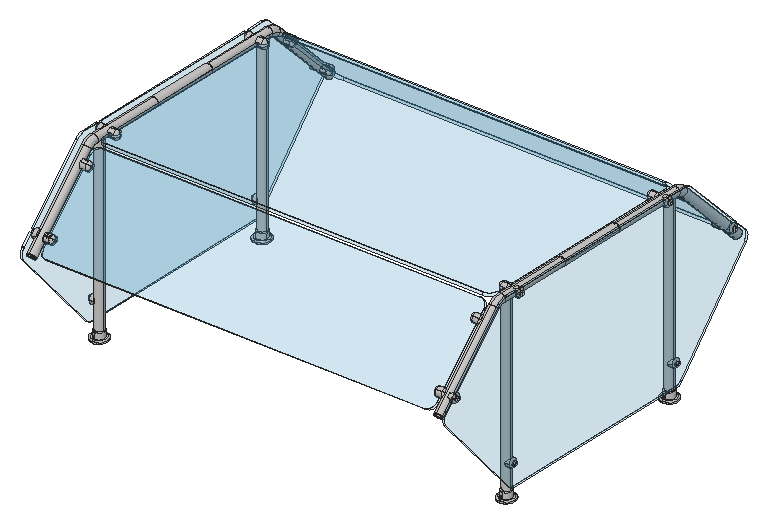
Revit family "QF_ENGLISH_M-125-IS", category Casework, Revit 2018
Family settings
  Work Plane-Based = No
  Always vertical = Yes
  Cut with Voids When Loaded = No
  Shared = No
  Room Calculation Point = No
Parameters
  Weight in Pounds = 0
  URL Cutsheet = ""
  Type Mark [instance] = ""
  Status [instance] = ""
  Specification by User [instance] = ""
  Specification by Manufacturer = ""
  Show Right Glass [instance] = yes
  Show Left Glass [instance] = yes
  Serial Number = ""
  Seismic Rating = ""
  SMACNA No = ""
  Revision Code [instance] = ""
  RS Symbolic [instance] = not(Show Right Glass)  # no
  Omniclass Number and Title = ""
  NAFEM Spec ID Number = ""
  Model = "M-125-IS"
  Masterspec = ""
  Manufacturer = "ENGLISH MFG. INC."
  Length [instance] = 48"
  LS Symbolic [instance] = not(Show Left Glass)  # no
  Item Number [instance] = ""
  Installed By [instance] = ""
  Identify Quantity as Lot [instance] = yes
  Glass Thickness [instance] = 3/8"  # constant formula
  Glass Material [instance] = Glass
  Furnished By [instance] = ""
  Foodservice Equipment Identifier [instance] = yes
  Description = "MATRIX SERIES"
  Depth [instance] = 24"
  CSI MasterFormat = ""
  CSI Master Format = ""
  Assembly Code = ""
Reference planes (in)
  plane 1 "BACK": y = 0
  plane 2: z = 0
  plane 3 "LEFT": x = 0
  plane 4 "RIGHT": x = 48
  plane 5 "FRONT": y = -24
  plane 6 "TOP": z = 22
  plane 7 "Center Y": x = 24
  plane 8 "Center X": y = -12
  plane 9 "Front Glass 2": y = -27.03125
  plane 10 "Front Glass 1": y = -32.4375
  plane 11: y = 3.03125
  plane 12: y = 8.4375
  plane 13 "top front": y = -22.91831
  plane 14: y = -8
  plane 15: y = -16
Forms (in)
  Extrusion 1, solid, material "Glass" <- "Glass Material", visible <- "Show Left Glass"
    sketch origin (-0.75, -197.443, 18.9876) x (0, 0, -1) y (0, -1, 0)
      loop
        line (6.57379, -207.56861) -> (17.16302, -198.24029)
        arc (17.16302, -198.24029) -> (17.40286, -197.90571) -> (17.4876, -197.50286) r 1
        line (17.4876, -197.50286) -> (17.4876, -173.38315)
        arc (17.4876, -173.38315) -> (17.40286, -172.9803) -> (17.16302, -172.64572) r 1
        line (17.16302, -172.64572) -> (6.57379, -163.31739)
        arc (6.57379, -163.31739) -> (5.88117, -163.06826) -> (5.20567, -163.36066) r 1
        line (5.20567, -163.36066) -> (4.13338, -164.43294) -> (4.57532, -164.87489)
        arc (4.57532, -164.87489) -> (4.57338, -165.13809) -> (4.31018, -165.14002) r 0.1875
        line (4.31018, -165.14002) -> (3.86824, -164.69808) -> (-2.69807, -171.26439)
        arc (-2.69807, -171.26439) -> (-3.02322, -171.75102) -> (-3.1374, -172.32505) r 1.5
        line (-3.1374, -172.32505) -> (-3.1374, -174.3372) -> (-2.5124, -174.3372)
        arc (-2.5124, -174.3372) -> (-2.3249, -174.5247) -> (-2.5124, -174.7122) r 0.1875
        line (-2.5124, -174.7122) -> (-3.1374, -174.7122) -> (-3.1374, -196.17381) -> (-2.5124, -196.17381)
        arc (-2.5124, -196.17381) -> (-2.3249, -196.36131) -> (-2.5124, -196.54881) r 0.1875
        line (-2.5124, -196.54881) -> (-3.1374, -196.54881) -> (-3.1374, -198.56096)
        arc (-3.1374, -198.56096) -> (-3.02322, -199.13498) -> (-2.69807, -199.62162) r 1.5
        line (-2.69807, -199.62162) -> (3.86824, -206.18793) -> (4.31018, -205.74598)
        arc (4.31018, -205.74598) -> (4.57338, -205.74792) -> (4.57532, -206.01112) r 0.1875
        line (4.57532, -206.01112) -> (4.13338, -206.45306) -> (5.20567, -207.52535)
        arc (5.20567, -207.52535) -> (5.88117, -207.81774) -> (6.57379, -207.56861) r 1
      loop
        circle (14.9876, -173.443) r 0.1875
      loop
        circle (14.9876, -197.443) r 0.1875
    from 0 to 0.25
  Extrusion 2, solid, material "Glass" <- "Glass Material", visible <- "Show Right Glass"
    sketch origin (48, 0, 0) x (0, -1, 0) y (0, 0, 1)
      loop
        line (22.73081, 22.125) -> (1.26919, 22.125) -> (1.26919, 21.5)
        arc (1.26919, 21.5) -> (1.08169, 21.3125) -> (0.89419, 21.5) r 0.1875
        line (0.89419, 21.5) -> (0.89419, 22.125) -> (-1.11796, 22.125)
        arc (-1.11796, 22.125) -> (-1.69198, 22.01082) -> (-2.17862, 21.68566) r 1.5
        line (-2.17862, 21.68566) -> (-8.74492, 15.11936) -> (-8.30298, 14.67741)
        arc (-8.30298, 14.67741) -> (-8.30492, 14.41421) -> (-8.56812, 14.41228) r 0.1875
        line (-8.56812, 14.41228) -> (-9.01006, 14.85422) -> (-10.08235, 13.78193)
        arc (-10.08235, 13.78193) -> (-10.37474, 13.10643) -> (-10.12561, 12.41381) r 1
        line (-10.12561, 12.41381) -> (-0.79728, 1.82458)
        arc (-0.79728, 1.82458) -> (-0.4627, 1.58473) -> (-0.05985, 1.5) r 1
        line (-0.05985, 1.5) -> (24.05985, 1.5)
        arc (24.05985, 1.5) -> (24.4627, 1.58473) -> (24.79728, 1.82458) r 1
        line (24.79728, 1.82458) -> (34.12561, 12.41381)
        arc (34.12561, 12.41381) -> (34.37474, 13.10643) -> (34.08235, 13.78193) r 1
        line (34.08235, 13.78193) -> (33.01006, 14.85422) -> (32.56812, 14.41228)
        arc (32.56812, 14.41228) -> (32.30492, 14.41421) -> (32.30298, 14.67741) r 0.1875
        line (32.30298, 14.67741) -> (32.74492, 15.11936) -> (26.17862, 21.68566)
        arc (26.17862, 21.68566) -> (25.69198, 22.01082) -> (25.11796, 22.125) r 1.5
        line (25.11796, 22.125) -> (23.10581, 22.125) -> (23.10581, 21.5)
        arc (23.10581, 21.5) -> (22.91831, 21.3125) -> (22.73081, 21.5) r 0.1875
        line (22.73081, 21.5) -> (22.73081, 22.125)
      loop
        circle (24, 4) r 0.1875
      loop
        circle (0, 4) r 0.1875
    from -1 to -0.75
  Revolve 3, solid, material "QF_Finishes_Stainless Steel"
    sketch origin (0, 0, 0) x (1, 0, 0) y (0, 0, 1)
      loop
        line (-0.5, 0) -> (-0.5, 1) -> (-0.53494, 1)
        arc (-0.53494, 1) -> (-0.57913, 0.98169) -> (-0.5975, 0.9375) r 0.0625
        line (-0.5975, 0.9375) -> (-0.5975, 0.25) -> (-0.87489, 0.25)
        arc (-0.87489, 0.25) -> (-0.96328, 0.21339) -> (-1, 0.125) r 0.125
        line (-1, 0.125) -> (-1, 0) -> (-0.5, 0)
      axis (0, 1) -> (0, 0)
    angle from 0 to 360
  Revolve 4, solid, material "QF_Finishes_Stainless Steel"
    sketch origin (0, -17, 0) x (0, -1, 0) y (0, 0, -1)
      loop
        line (6.5, 0) -> (6, 0) -> (6, -0.125)
        arc (6, -0.125) -> (6.03672, -0.21339) -> (6.12511, -0.25) r 0.125
        line (6.12511, -0.25) -> (6.4025, -0.25) -> (6.4025, -0.9375)
        arc (6.4025, -0.9375) -> (6.42087, -0.98169) -> (6.46506, -1) r 0.0625
        line (6.46506, -1) -> (6.5, -1) -> (6.5, 0)
      axis (7, -1) -> (7, 0)
    angle from 0 to 360
  Revolve 5, solid, material "QF_Finishes_Stainless Steel"
    sketch origin (48, 0, 0) x (0, -1, 0) y (0, 0, 1)
      loop
        line (23.5, 0) -> (23.5, 1) -> (23.46506, 1)
        arc (23.46506, 1) -> (23.42087, 0.98169) -> (23.4025, 0.9375) r 0.0625
        line (23.4025, 0.9375) -> (23.4025, 0.25) -> (23.12511, 0.25)
        arc (23.12511, 0.25) -> (23.03672, 0.21339) -> (23, 0.125) r 0.125
        line (23, 0.125) -> (23, 0) -> (23.5, 0)
      axis (24, 1) -> (24, 0)
    angle from 0 to 360
  Revolve 6, solid, material "QF_Finishes_Stainless Steel"
    sketch origin (48, 0, 0) x (0, -1, 0) y (0, 0, 1)
      loop
        line (0.5, 0) -> (1, 0) -> (1, 0.125)
        arc (1, 0.125) -> (0.96328, 0.21339) -> (0.87489, 0.25) r 0.125
        line (0.87489, 0.25) -> (0.5975, 0.25) -> (0.5975, 0.9375)
        arc (0.5975, 0.9375) -> (0.57913, 0.98169) -> (0.53494, 1) r 0.0625
        line (0.53494, 1) -> (0.5, 1) -> (0.5, 0)
      axis (0, 1) -> (0, 0)
    angle from 0 to 360
  Extrusion 7, solid, material "Glass" <- "Glass Material"
    sketch origin (36.80436, 0, 21.3125) x (-1, 0, 0) y (0, -1, 0)
      loop
        line (36.05436, -0.25) -> (36.05436, 24.25)
        arc (36.05436, 24.25) -> (35.76147, 24.95711) -> (35.05436, 25.25) r 1
        line (35.05436, 25.25) -> (-9.44564, 25.25)
        arc (-9.44564, 25.25) -> (-10.15275, 24.95711) -> (-10.44564, 24.25) r 1
        line (-10.44564, 24.25) -> (-10.44564, -0.25)
        arc (-10.44564, -0.25) -> (-10.15275, -0.95711) -> (-9.44564, -1.25) r 1
        line (-9.44564, -1.25) -> (35.05436, -1.25)
        arc (35.05436, -1.25) -> (35.76147, -0.95711) -> (36.05436, -0.25) r 1
    from 0 to 0.375 <- "Glass Thickness"
  Extrusion 8, solid, material "Glass" <- "Glass Material"
    sketch origin (0.67002, -29.70397, 17.01127) x (0, -0.707107, -0.707107) y (1, 0, 0)
      loop
        arc (4.67068, 0.05113) -> (5.37779, 0.34403) -> (5.67068, 1.05113) r 1
        line (5.67068, 1.05113) -> (5.67068, 45.60882)
        arc (5.67068, 45.60882) -> (5.37779, 46.31593) -> (4.67068, 46.60882) r 1
        line (4.67068, 46.60882) -> (-4.95432, 46.60882)
        arc (-4.95432, 46.60882) -> (-5.66143, 46.31593) -> (-5.95432, 45.60882) r 1
        line (-5.95432, 45.60882) -> (-5.95432, 1.05113)
        arc (-5.95432, 1.05113) -> (-5.66143, 0.34403) -> (-4.95432, 0.05113) r 1
        line (-4.95432, 0.05113) -> (4.67068, 0.05113)
    from 0 to 0.375 <- "Glass Thickness"
  Extrusion 9, solid, material "Glass" <- "Glass Material"
    sketch origin (-1.9254, 7.53921, 15.17602) x (1, 0, 0) y (0, 0.707107, -0.707107)
      loop
        line (2.64656, 2.07526) -> (2.64656, -7.54974)
        arc (2.64656, -7.54974) -> (2.93945, -8.25685) -> (3.64656, -8.54974) r 1
        line (3.64656, -8.54974) -> (48.20425, -8.54974)
        arc (48.20425, -8.54974) -> (48.91135, -8.25685) -> (49.20425, -7.54974) r 1
        line (49.20425, -7.54974) -> (49.20425, 2.07526)
        arc (49.20425, 2.07526) -> (48.91135, 2.78236) -> (48.20425, 3.07526) r 1
        line (48.20425, 3.07526) -> (3.64656, 3.07526)
        arc (3.64656, 3.07526) -> (2.93945, 2.78236) -> (2.64656, 2.07526) r 1
    from 0 to 0.375 <- "Glass Thickness"
  Extrusion 10, solid, material "QF_Finishes_Stainless Steel"
    sketch origin (0, -12, 0) x (-1, 0, 0) y (0, 0, 1)
      loop
        circle (0, 21.5) r 0.5
    from 4 to -4
  Extrusion 11, solid, material "QF_Finishes_Stainless Steel"
    sketch origin (0, -12, 0) x (-1, 0, 0) y (0, 0, 1)
      loop
        circle (-48, 21.5) r 0.5
    from 4 to -4
Lines and regions (in)
  symbolic lines, style "CaseworkHiddenLines"
    curve 1: line (1.75031, -25.25, 0) -> (46.27028, -25.25, 0)
    curve 2: line (0.75109, -24.27765, 0) -> (0.75109, 0.29671, 0)
    curve 3: line (47.24891, -24.29692, 0) -> (47.24891, 0.29671, 0)
    curve 4: line (1.75, 1.25, 0) -> (46.25, 1.25, 0)
    curve 5: arc (0.75109, -24.27765, 0) -> (1.05319, -24.96679, 0) -> (1.75031, -25.25, 0) r 0.99959
    curve 6: arc (46.27028, -25.25, 0) -> (46.94769, -24.9666, 0) -> (47.24891, -24.29692, 0) r 1
    curve 7: arc (1.75, 1.25, 0) -> (1.05961, 0.97343, 0) -> (0.75109, 0.29671, 0) r 1
    curve 8: arc (47.24891, 0.29671, 0) -> (46.94039, 0.97343, 0) -> (46.25, 1.25, 0) r 1
    curve 57: line (46.27884, -25.75879, 0) -> (1.72116, -25.75879, 0)
    curve 58: spline (47.27884, -26.4659, 0) -> (47.27029, -26.3736, 0) -> (47.24477, -26.28288, 0) -> (47.20272, -26.1953, 0) -> (47.14487, -26.11234, 0) -> (47.0722, -26.03544, 0) -> (46.98595, -25.9659, 0) -> (46.88761, -25.90491, 0) -> (46.77884, -25.85352, 0) -> (46.66153, -25.81262, 0) -> (46.53766, -25.78288, 0) -> (46.40937, -25.76484, 0) -> (46.27884, -25.75879, 0)
    curve 59: line (47.27884, -33.2718, 0) -> (47.27884, -32.9336, 0)
    curve 60: spline (46.27884, -33.97891, 0) -> (46.40937, -33.97286, 0) -> (46.53766, -33.95481, 0) -> (46.66153, -33.92508, 0) -> (46.77884, -33.88417, 0) -> (46.88761, -33.83279, 0) -> (46.98595, -33.7718, 0) -> (47.0722, -33.70226, 0) -> (47.14487, -33.62535, 0) -> (47.20272, -33.5424, 0) -> (47.24477, -33.45481, 0) -> (47.27029, -33.3641, 0) -> (47.27884, -33.2718, 0)
    curve 61: line (1.72116, -33.97891, 0) -> (46.27884, -33.97891, 0)
    curve 62: spline (0.72116, -33.2718, 0) -> (0.72971, -33.3641, 0) -> (0.75523, -33.45481, 0) -> (0.79728, -33.5424, 0) -> (0.85513, -33.62535, 0) -> (0.9278, -33.70226, 0) -> (1.01405, -33.7718, 0) -> (1.11239, -33.83279, 0) -> (1.22116, -33.88417, 0) -> (1.33847, -33.92508, 0) -> (1.46234, -33.95481, 0) -> (1.59063, -33.97286, 0) -> (1.72116, -33.97891, 0)
    curve 63: line (0.72116, -26.4659, 0) -> (0.72116, -26.84674, 0)
    curve 64: spline (1.72116, -25.75879, 0) -> (1.59063, -25.76484, 0) -> (1.46234, -25.78288, 0) -> (1.33847, -25.81262, 0) -> (1.22116, -25.85352, 0) -> (1.11239, -25.90491, 0) -> (1.01405, -25.9659, 0) -> (0.9278, -26.03544, 0) -> (0.85513, -26.11234, 0) -> (0.79728, -26.1953, 0) -> (0.75523, -26.28288, 0) -> (0.72971, -26.3736, 0) -> (0.72116, -26.4659, 0)
    curve 65: line (0.72116, -27.54191, 0) -> (0.72116, -32.23843, 0)
    curve 66: line (0.72116, -32.93326, 0) -> (0.72116, -33.2718, 0)
    curve 67: line (47.27884, -26.84674, 0) -> (47.27884, -26.4659, 0)
    curve 68: line (47.27884, -32.23843, 0) -> (47.27884, -27.54191, 0)
    curve 69: line (46.27884, 9.97891, 0) -> (1.72116, 9.97891, 0)
    curve 70: spline (47.27884, 9.2718, 0) -> (47.27029, 9.3641, 0) -> (47.24477, 9.45481, 0) -> (47.20272, 9.5424, 0) -> (47.14487, 9.62535, 0) -> (47.0722, 9.70226, 0) -> (46.98595, 9.7718, 0) -> (46.88761, 9.83279, 0) -> (46.77884, 9.88417, 0) -> (46.66153, 9.92508, 0) -> (46.53766, 9.95481, 0) -> (46.40937, 9.97286, 0) -> (46.27884, 9.97891, 0)
    curve 71: line (47.27884, 2.40827, 0) -> (47.27884, 2.84674, 0)
    curve 72: spline (46.27884, 1.75879, 0) -> (46.40937, 1.76484, 0) -> (46.53766, 1.78288, 0) -> (46.66153, 1.81262, 0) -> (46.77884, 1.85352, 0) -> (46.88761, 1.90491, 0) -> (46.98595, 1.9659, 0) -> (47.0722, 2.03544, 0) -> (47.14487, 2.11234, 0) -> (47.20272, 2.1953, 0) -> (47.24477, 2.28288, 0) -> (47.27029, 2.3736, 0) -> (47.27884, 2.4659, 0)
    curve 73: line (1.72116, 1.75879, 0) -> (46.27884, 1.75879, 0)
    curve 74: spline (0.72116, 2.4659, 0) -> (0.72971, 2.3736, 0) -> (0.75523, 2.28288, 0) -> (0.79728, 2.1953, 0) -> (0.85513, 2.11234, 0) -> (0.9278, 2.03544, 0) -> (1.01405, 1.9659, 0) -> (1.11239, 1.90491, 0) -> (1.22116, 1.85352, 0) -> (1.33847, 1.81262, 0) -> (1.46234, 1.78288, 0) -> (1.59063, 1.76484, 0) -> (1.72116, 1.75879, 0)
    curve 75: line (0.72116, 9.2718, 0) -> (0.72116, 8.93326, 0)
    curve 76: spline (1.72116, 9.97891, 0) -> (1.59063, 9.97286, 0) -> (1.46234, 9.95481, 0) -> (1.33847, 9.92508, 0) -> (1.22116, 9.88417, 0) -> (1.11239, 9.83279, 0) -> (1.01405, 9.7718, 0) -> (0.9278, 9.70226, 0) -> (0.85513, 9.62535, 0) -> (0.79728, 9.5424, 0) -> (0.75523, 9.45481, 0) -> (0.72971, 9.3641, 0) -> (0.72116, 9.2718, 0)
    curve 77: line (0.72116, 8.23843, 0) -> (0.72116, 3.54191, 0)
    curve 78: line (0.72116, 2.84674, 0) -> (0.72116, 2.4659, 0)
    curve 79: line (47.27884, 8.9336, 0) -> (47.27884, 9.2718, 0)
    curve 80: line (47.27884, 3.54191, 0) -> (47.27884, 8.23843, 0)
  symbolic lines
    curve 9: line (0.72116, -32.23843, 0) -> (1.24193, -32.23843, 0)
    curve 10: line (1.50299, -32.48958, 0) -> (1.50299, -32.60272, 0)
    curve 11: arc (1.24193, -32.23843, 0) -> (1.42306, -32.31141, 0) -> (1.50299, -32.48958, 0) r 0.26125
    curve 12: line (0.49804, -31.93541, 0) -> (0.72116, -31.93541, 0)
    curve 13: line (47.50191, -27.54191, 0) -> (46.80269, -27.54191, 0)
    curve 14: line (47.27884, -26.84674, 0) -> (46.76081, -26.84674, 0)
    curve 15: line (46.50191, -27.09674, 0) -> (46.50191, -27.22294, 0)
    curve 16: arc (46.76081, -26.84674, 0) -> (46.58086, -26.91944, 0) -> (46.50191, -27.09674, 0) r 0.25906
    curve 17: arc (46.80269, -27.54191, 0) -> (46.58348, -27.44732, 0) -> (46.50191, -27.22294, 0) r 0.30129
    curve 18: line (47.50196, -26.54373, 0) -> (47.27884, -26.54373, 0)
    curve 19: line (47.50191, -32.9336, 0) -> (46.80269, -32.9336, 0)
    curve 20: line (47.27884, -32.23843, 0) -> (46.76081, -32.23843, 0)
    curve 21: line (46.50191, -32.48843, 0) -> (46.50191, -32.61463, 0)
    curve 22: arc (46.76081, -32.23843, 0) -> (46.58086, -32.31113, 0) -> (46.50191, -32.48843, 0) r 0.25906
    curve 23: arc (46.80269, -32.9336, 0) -> (46.58348, -32.83901, 0) -> (46.50191, -32.61463, 0) r 0.30129
    curve 24: line (47.50196, -31.93541, 0) -> (47.27884, -31.93541, 0)
    curve 25: line (0.49809, -32.93326, 0) -> (1.08666, -32.93326, 0)
    curve 26: arc (1.50299, -32.60272, 0) -> (1.37463, -32.86852, 0) -> (1.08666, -32.93326, 0) r 0.33938
    curve 27: line (0.49809, -27.54191, 0) -> (1.19731, -27.54191, 0)
    curve 28: line (0.72116, -26.84674, 0) -> (1.23919, -26.84674, 0)
    curve 29: line (1.49809, -27.09674, 0) -> (1.49809, -27.22294, 0)
    curve 30: arc (1.23919, -26.84674, 0) -> (1.41914, -26.91944, 0) -> (1.49809, -27.09674, 0) r 0.25906
    curve 31: arc (1.19731, -27.54191, 0) -> (1.41652, -27.44732, 0) -> (1.49809, -27.22294, 0) r 0.30129
    curve 32: line (0.49804, -26.54373, 0) -> (0.72116, -26.54373, 0)
    curve 33: line (0.72116, 8.23843, 0) -> (1.24193, 8.23843, 0)
    curve 34: line (1.50299, 8.48958, 0) -> (1.50299, 8.60272, 0)
    curve 35: arc (1.24193, 8.23843, 0) -> (1.42306, 8.31141, 0) -> (1.50299, 8.48958, 0) r 0.26125
    curve 36: line (0.49804, 7.93541, 0) -> (0.72116, 7.93541, 0)
    curve 37: line (0.49809, 8.93326, 0) -> (1.08666, 8.93326, 0)
    curve 38: arc (1.50299, 8.60272, 0) -> (1.37463, 8.86852, 0) -> (1.08666, 8.93326, 0) r 0.33938
    curve 39: line (0.49809, 3.54191, 0) -> (1.19731, 3.54191, 0)
    curve 40: line (0.72116, 2.84674, 0) -> (1.23919, 2.84674, 0)
    curve 41: line (1.49809, 3.09674, 0) -> (1.49809, 3.22294, 0)
    curve 42: arc (1.23919, 2.84674, 0) -> (1.41914, 2.91944, 0) -> (1.49809, 3.09674, 0) r 0.25906
    curve 43: arc (1.19731, 3.54191, 0) -> (1.41652, 3.44732, 0) -> (1.49809, 3.22294, 0) r 0.30129
    curve 44: line (0.49804, 2.54373, 0) -> (0.72116, 2.54373, 0)
    curve 45: line (47.50191, 3.54191, 0) -> (46.80269, 3.54191, 0)
    curve 46: line (47.27884, 2.84674, 0) -> (46.76081, 2.84674, 0)
    curve 47: line (46.50191, 3.09674, 0) -> (46.50191, 3.22294, 0)
    curve 48: arc (46.76081, 2.84674, 0) -> (46.58086, 2.91944, 0) -> (46.50191, 3.09674, 0) r 0.25906
    curve 49: arc (46.80269, 3.54191, 0) -> (46.58348, 3.44732, 0) -> (46.50191, 3.22294, 0) r 0.30129
    curve 50: line (47.50196, 2.54373, 0) -> (47.27884, 2.54373, 0)
    curve 51: line (47.50191, 8.9336, 0) -> (46.80269, 8.9336, 0)
    curve 52: line (47.27884, 8.23843, 0) -> (46.76081, 8.23843, 0)
    curve 53: line (46.50191, 8.48843, 0) -> (46.50191, 8.61463, 0)
    curve 54: arc (46.76081, 8.23843, 0) -> (46.58086, 8.31113, 0) -> (46.50191, 8.48843, 0) r 0.25906
    curve 55: arc (46.80269, 8.9336, 0) -> (46.58348, 8.83901, 0) -> (46.50191, 8.61463, 0) r 0.30129
    curve 56: line (47.50196, 7.93541, 0) -> (47.27884, 7.93541, 0)
Dimensions and locks (in)
  equal spacing: plane 3 "LEFT", plane 7 "Center Y", plane 4 "RIGHT"
  "Length": plane 3 "LEFT" to plane 4 "RIGHT"
  equal spacing: plane 5 "FRONT", plane 8 "Center X", plane 1 "BACK"
  "Depth": plane 5 "FRONT" to plane 1 "BACK"
  plane 6 "TOP" to level = 22"
  locked: Extrusion 7 sketch curve to plane 4 "RIGHT" at 0.75
  locked: plane 3 "LEFT" to Extrusion 7 sketch curve at 0.75
  locked: Extrusion 7 sketch curve to plane 5 "FRONT" at 1.25
  locked: plane 1 "BACK" to Extrusion 7 sketch curve at 1.25
  plane 10 "Front Glass 1" to plane 9 "Front Glass 2" to plane 5 "FRONT" = 5 13/32" locked, 3 1/32" locked
  plane 1 "BACK" to plane 11 to plane 12 = 3 1/32" locked, 5 13/32" locked
  locked: nested 1 to plane 10 "Front Glass 1" at 0.19127
  locked: plane 5 "FRONT" to plane 13 "top front" at 1.08169
  locked: plane 4 "RIGHT" to Extrusion 8 sketch curve at 0.72116
  locked: plane 10 "Front Glass 1" to nested 3 at 0.0039
  locked: Extrusion 9 sketch curve to plane 4 "RIGHT" at 0.72116
  locked: plane 1 "BACK" to plane 14 at 8
  locked: plane 5 "FRONT" to plane 15 at 8
  locked: plane 15 to Extrusion 10 at 0
  locked: plane 14 to Extrusion 10 at 0
  locked: plane 14 to Extrusion 11 at 0
  locked: plane 15 to Extrusion 11 at 0
  nested 13 to nested 7 = 1 21/256"
  aligned and locked: level to plane 2
  aligned and locked: plane 3 "LEFT" to nested 2
  aligned and locked: plane 5 "FRONT" to nested 2
  aligned and locked: plane 1 "BACK" to nested 4
  aligned and locked: nested 4 to plane 3 "LEFT"
  aligned and locked: plane 4 "RIGHT" to nested 7
  aligned and locked: nested 6 to plane 4 "RIGHT"
  aligned and locked: nested 6 to plane 5 "FRONT"
  aligned and locked: nested 8 to plane 4 "RIGHT"
  aligned and locked: plane 5 "FRONT" to nested 8
  aligned and locked: plane 1 "BACK" to nested 9
  aligned and locked: nested 10 to plane 10 "Front Glass 1"
  aligned and locked: nested 11 to plane 13 "top front"
  aligned and locked: nested 12 to plane 12
  aligned and locked: plane 4 "RIGHT" to nested 12
  aligned and locked: plane 4 "RIGHT" to nested 13
  aligned and locked: nested 11 to plane 4 "RIGHT"
  aligned and locked: nested 10 to plane 4 "RIGHT"
  aligned and locked: plane 10 "Front Glass 1" to nested 16
  aligned and locked: nested 14 to plane 5 "FRONT"
  aligned and locked: plane 13 "top front" to nested 17
  aligned and locked: nested 9 to plane 4 "RIGHT"
Automatic sketch dimensions
  Revolve 3 sketch curve to level = 0"
  Revolve 3 sketch curve to plane 3 "LEFT" = 0"
  Revolve 3 sketch curve to plane 3 "LEFT" = 1/2"
  Revolve 3 sketch curve to plane 3 "LEFT" = 0.53494"
  level to Revolve 3 sketch curve = 1/4"
  Revolve 3 sketch curve to plane 3 "LEFT" = 0.5975"
  Revolve 3 sketch curve to Revolve 3 sketch curve = 0.27739"
  Revolve 3 sketch curve to Revolve 3 sketch curve = 0.12511"
  level to Revolve 3 sketch curve = 1/8"
  Revolve 3 sketch curve to Revolve 3 sketch curve = 11/16"
  Revolve 3 sketch curve to Revolve 3 sketch curve = 1/16"
  Revolve 3 sketch curve to level = 1/4"
  Revolve 3 sketch curve to Revolve 3 sketch curve = 0"  (x3)
  Revolve 4 sketch curve to level = 0"
  Revolve 4 sketch curve to plane 5 "FRONT" = 0"
  Revolve 4 sketch curve to plane 5 "FRONT" = 1/2"
  Revolve 4 sketch curve to plane 5 "FRONT" = 0.53494"
  Revolve 4 sketch curve to plane 13 "top front" = 0.48419"
  Revolve 4 sketch curve to plane 13 "top front" = 0.20681"
  Revolve 4 sketch curve to plane 13 "top front" = 0.0817"
  level to Revolve 4 sketch curve = 1/8"
  level to Revolve 4 sketch curve = 1/4"
  Revolve 4 sketch curve to Revolve 4 sketch curve = 11/16"
  Revolve 4 sketch curve to Revolve 4 sketch curve = 1/16"
  Revolve 4 sketch curve to Revolve 4 sketch curve = 0"  (x3)
  Revolve 4 sketch curve to Revolve 4 sketch curve = 1/4"
  Revolve 5 sketch curve to level = 0"
  Revolve 5 sketch curve to plane 5 "FRONT" = 0"
  Revolve 5 sketch curve to plane 5 "FRONT" = 1/2"
  Revolve 5 sketch curve to plane 5 "FRONT" = 0.53494"
  Revolve 5 sketch curve to plane 13 "top front" = 0.48419"
  Revolve 5 sketch curve to plane 13 "top front" = 0.20681"
  Revolve 5 sketch curve to plane 13 "top front" = 0.0817"
  level to Revolve 5 sketch curve = 1/8"
  Revolve 5 sketch curve to Revolve 5 sketch curve = 1/8"
  Revolve 5 sketch curve to Revolve 5 sketch curve = 11/16"
  Revolve 5 sketch curve to Revolve 5 sketch curve = 1/16"
  Revolve 5 sketch curve to Revolve 5 sketch curve = 1/4"
  Revolve 5 sketch curve to Revolve 5 sketch curve = 0"  (x3)
  Revolve 6 sketch curve to plane 1 "BACK" = 0"
  Revolve 6 sketch curve to level = 0"
  plane 1 "BACK" to Revolve 6 sketch curve = 1/2"
  Revolve 6 sketch curve to Revolve 6 sketch curve = 0.03494"
  level to Revolve 6 sketch curve = 1/4"
  plane 1 "BACK" to Revolve 6 sketch curve = 0.5975"
  Revolve 6 sketch curve to Revolve 6 sketch curve = 0.27739"
  Revolve 6 sketch curve to Revolve 6 sketch curve = 0.12511"
  level to Revolve 6 sketch curve = 1/8"
  Revolve 6 sketch curve to Revolve 6 sketch curve = 11/16"
  Revolve 6 sketch curve to Revolve 6 sketch curve = 1/16"
  Revolve 6 sketch curve to level = 1/4"
  Revolve 6 sketch curve to Revolve 6 sketch curve = 0"  (x3)
  Extrusion 7 sketch curve to plane 1 "BACK" = 1/4"
  Extrusion 7 sketch curve to Extrusion 7 sketch curve = 1"  (x3)
  nested 3 to Extrusion 8 sketch curve = 0.27145"  (x2)
  nested 3 to Extrusion 8 sketch curve = 9.16359"
  Extrusion 8 sketch curve to nested 3 = 0.05113"
  Extrusion 8 sketch curve to Extrusion 8 sketch curve = 1"
  nested 3 to Extrusion 8 sketch curve = 0.53438"  (x2)
  Extrusion 9 sketch curve to nested 5 = 0.05113"
  nested 5 to Extrusion 9 sketch curve = 0.27145"  (x2)
  nested 5 to Extrusion 9 sketch curve = 9.16359"
  nested 5 to Extrusion 9 sketch curve = 1.53438"
  Extrusion 9 sketch curve to Extrusion 9 sketch curve = 0"
  Extrusion 9 sketch curve to Extrusion 9 sketch curve = 1"
  Extrusion 10 sketch curve to plane 3 "LEFT" = 0"
  Extrusion 10 sketch curve to plane 6 "TOP" = 1/2"
  plane 4 "RIGHT" to Extrusion 11 sketch curve = 0"
  Extrusion 11 sketch curve to plane 6 "TOP" = 1/2"
  plane 9 "Front Glass 2" to curve 63 = 0.18451"
  plane 3 "LEFT" to curve 63 = 0.72116"
  plane 3 "LEFT" to curve 78 = 0.72116"
  curve 77 to plane 12 = 0.19907"
  plane 3 "LEFT" to curve 77 = 0.72116"
  plane 10 "Front Glass 1" to curve 65 = 0.19907"
  plane 3 "LEFT" to curve 65 = 0.72116"
  plane 3 "LEFT" to curve 75 = 0.72116"
  plane 3 "LEFT" to curve 66 = 0.72116"
  curve 2 to plane 1 "BACK" = 0.29671"
  plane 3 "LEFT" to curve 2 = 0.75109"
  curve 75 to curve 37 = 0.3655"
  curve 66 to curve 25 = 0.3655"
  curve 26 to plane 10 "Front Glass 1" = 0.16522"
  curve 26 to curve 26 = 0.07695"
  plane 12 to curve 38 = 0.16522"
  curve 37 to curve 38 = 0.07695"
  curve 31 to plane 9 "Front Glass 2" = 0.20937"
  curve 65 to curve 31 = 0.47616"
  curve 77 to curve 39 = 0.47616"
  curve 30 to plane 9 "Front Glass 2" = 0.07455"
  curve 31 to curve 30 = 0.04187"
  plane 11 to curve 42 = 0.07455"
  curve 43 to curve 42 = 0.04187"
  plane 12 to curve 35 = 0.06218"
  curve 38 to curve 35 = 0.07832"
  curve 26 to curve 9 = 0.07832"
  plane 11 to curve 41 = 0.06549"
  curve 42 to curve 41 = 0.2589"
  curve 29 to plane 9 "Front Glass 2" = 0.19169"
  curve 30 to curve 29 = 0.2589"
  curve 10 to plane 10 "Front Glass 1" = 0.05208"
  curve 11 to curve 10 = 0.26106"
  plane 12 to curve 34 = 0.05208"
  curve 25 to curve 61 = 0.6345"
  curve 42 to curve 73 = 0.48197"
  curve 30 to curve 57 = 0.48197"
  curve 38 to curve 69 = 0.6345"
  curve 73 to curve 4 = 0.02884"
  curve 64 to curve 1 = 0.02915"
  plane 4 "RIGHT" to curve 4 = 1 3/4"
  plane 5 "FRONT" to curve 6 = 0.25021"
  plane 4 "RIGHT" to curve 6 = 1 3/4"
  curve 6 to curve 1 = 0.02028"
  plane 4 "RIGHT" to curve 61 = 1.72116"
  plane 4 "RIGHT" to curve 69 = 1.72116"
  curve 6 to curve 57 = 0.00856"
  curve 4 to curve 73 = 0.02884"
  plane 12 to curve 53 = 0.17713"
  curve 70 to curve 53 = 0.22307"
  curve 21 to plane 10 "Front Glass 1" = 0.17713"
  curve 60 to curve 21 = 0.22307"
  plane 11 to curve 47 = 0.19169"
  curve 72 to curve 47 = 0.22307"
  curve 15 to plane 9 "Front Glass 2" = 0.06549"
  curve 58 to curve 15 = 0.22307"
  curve 16 to plane 9 "Front Glass 2" = 0.07455"
  curve 15 to curve 16 = 0.2589"
  curve 22 to plane 10 "Front Glass 1" = 0.05999"
  curve 22 to curve 22 = 0.2589"
  plane 12 to curve 54 = 0.05999"
  curve 54 to curve 54 = 0.2589"
  plane 11 to curve 48 = 0.07455"
  curve 48 to curve 48 = 0.2589"
  curve 16 to curve 17 = 0.04187"
  curve 22 to curve 19 = 0.04187"
  curve 48 to curve 45 = 0.04187"
  curve 54 to curve 55 = 0.04187"
  curve 3 to plane 1 "BACK" = 0.29671"
  plane 4 "RIGHT" to curve 3 = 0.75109"
  curve 46 to curve 46 = 0.51803"
  curve 14 to curve 14 = 0.51803"
  curve 20 to curve 20 = 0.51803"
  curve 54 to curve 52 = 0.51803"
  curve 19 to curve 59 = 0.47616"
  curve 55 to curve 79 = 0.47616"
  curve 19 to curve 22 = 0.43611"
  curve 59 to curve 59 = 0.3382"
  curve 66 to curve 66 = 0.33854"
  curve 61 to curve 62 = 0.70711"
  curve 21 to plane 10 "Front Glass 1" = 0.05093"
  curve 13 to curve 16 = 0.43611"
  curve 17 to curve 16 = 0.13482"
  curve 28 to curve 63 = 0.38084"
  curve 14 to curve 67 = 0.38084"
  curve 64 to curve 57 = 0.70711"
  curve 64 to curve 1 = 0.50879"
  plane 5 "FRONT" to curve 2 = 0.27765"
  curve 7 to plane 1 "BACK" = 1/4"
  curve 4 to curve 73 = 0.50879"
  curve 78 to curve 40 = 0.38084"
  curve 46 to curve 48 = 0.25906"
  curve 41 to curve 41 = 0.1262"
  curve 42 to curve 43 = 0.13482"
  curve 48 to curve 49 = 0.13482"
  curve 52 to curve 54 = 0.25906"
  curve 54 to curve 55 = 0.13482"
  curve 79 to curve 79 = 0.3382"
  curve 75 to curve 75 = 0.33854"
  curve 70 to curve 69 = 0.70711"
  curve 36 to curve 36 = 0.22311"
  curve 32 to curve 32 = 0.22311"
  curve 12 to curve 12 = 0.22311"
  curve 44 to curve 44 = 0.22311"
  curve 39 to curve 77 = 0.22307"
  curve 37 to curve 75 = 0.22307"
  curve 27 to curve 65 = 0.22307"
  curve 25 to curve 66 = 0.22307"
  curve 79 to curve 51 = 0.22307"
  curve 68 to curve 13 = 0.22307"
  curve 80 to curve 45 = 0.22307"
  curve 59 to curve 19 = 0.22307"
  curve 18 to curve 18 = 0.22311"
  curve 50 to curve 50 = 0.22311"
  curve 56 to curve 56 = 0.22311"
  curve 24 to curve 24 = 0.22311"
  curve 20 to curve 24 = 0.30301"
  curve 9 to curve 12 = 0.30301"
  curve 32 to curve 64 = 0.07783"
  curve 18 to curve 58 = 0.07783"
  curve 71 to curve 46 = 0.43847"
  curve 71 to curve 72 = 0.05762"
  curve 74 to curve 44 = 0.07783"
  curve 72 to curve 50 = 0.07783"
  curve 36 to curve 33 = 0.30301"
  curve 56 to curve 52 = 0.30301"
  Extrusion 2 sketch curve to plane 12 = 0"
  Extrusion 2 sketch curve to plane 13 "top front" = 0"
  Extrusion 2 sketch curve to plane 10 "Front Glass 1" = 0"
  plane 12 to Extrusion 2 sketch curve = 0.13062"
  plane 12 to Extrusion 2 sketch curve = 0.30742"
  Extrusion 2 sketch curve to Extrusion 2 sketch curve = 0.26514"  (x4)
  plane 12 to Extrusion 2 sketch curve = 0.93774"
  Extrusion 2 sketch curve to Extrusion 2 sketch curve = 0.70711"  (x4)
  Extrusion 2 sketch curve to Extrusion 2 sketch curve = 0.75037"  (x2)
  Extrusion 2 sketch curve to plane 12 = 0.13452"
  Extrusion 2 sketch curve to plane 6 "TOP" = 0.31434"  (x2)
  Extrusion 2 sketch curve to plane 11 = 0.85263"
  Extrusion 2 sketch curve to plane 1 "BACK" = 1.11796"
  Extrusion 2 sketch curve to plane 1 "BACK" = 0.79728"
  Extrusion 2 sketch curve to plane 1 "BACK" = 0.05985"
  plane 1 "BACK" to Extrusion 2 sketch curve = 0.89419"
  Extrusion 2 sketch curve to Extrusion 2 sketch curve = 3/16"  (x2)
  plane 13 "top front" to Extrusion 2 sketch curve = 3/16"
  plane 5 "FRONT" to Extrusion 2 sketch curve = 0.05985"
  plane 5 "FRONT" to Extrusion 2 sketch curve = 0.79728"
  plane 6 "TOP" to Extrusion 2 sketch curve = 1/8"  (x2)
  plane 5 "FRONT" to Extrusion 2 sketch curve = 1.11796"
  Extrusion 2 sketch curve to Extrusion 2 sketch curve = 1.06066"
  plane 10 "Front Glass 1" to Extrusion 2 sketch curve = 0.13452"
  Extrusion 2 sketch curve to plane 10 "Front Glass 1" = 0.13062"
  Extrusion 2 sketch curve to plane 10 "Front Glass 1" = 0.30742"
  Extrusion 2 sketch curve to plane 10 "Front Glass 1" = 0.93774"
  Extrusion 2 sketch curve to plane 6 "TOP" = 6.88065"  (x2)
  Extrusion 2 sketch curve to Extrusion 2 sketch curve = 0.13062"  (x2)
  Extrusion 2 sketch curve to Extrusion 2 sketch curve = 0.67542"
  Extrusion 2 sketch curve to plane 6 "TOP" = 1 3/8"
  Extrusion 2 sketch curve to plane 6 "TOP" = 1/2"  (x2)
  level to Extrusion 2 sketch curve = 2 1/2"
  Extrusion 2 sketch curve to plane 5 "FRONT" = 0"
  Extrusion 2 sketch curve to Extrusion 2 sketch curve = 1 1/2"  (x2)
  Extrusion 2 sketch curve to plane 5 "FRONT" = 3/16"
  Extrusion 2 sketch curve to Extrusion 2 sketch curve = 0.32458"
  Extrusion 2 sketch curve to Extrusion 2 sketch curve = 0"  (x2)
  Extrusion 2 sketch curve to plane 1 "BACK" = 0"
  Extrusion 1 sketch curve to Extrusion 1 sketch curve = 0"  (x4)
  Extrusion 1 sketch curve to plane 13 "top front" = 0"
  Extrusion 1 sketch curve to plane 12 = 0"
  Extrusion 1 sketch curve to plane 10 "Front Glass 1" = 0"
  Extrusion 1 sketch curve to plane 1 "BACK" = 0"
  Extrusion 1 sketch curve to plane 5 "FRONT" = 0"
  plane 6 "TOP" to Extrusion 1 sketch curve = 1/8"  (x3)
  Extrusion 1 sketch curve to plane 6 "TOP" = 0.31434"  (x2)
  Extrusion 1 sketch curve to plane 6 "TOP" = 1/2"  (x2)
  Extrusion 1 sketch curve to plane 6 "TOP" = 1 3/8"  (x2)
  plane 12 to Extrusion 1 sketch curve = 0.30742"
  Extrusion 1 sketch curve to plane 6 "TOP" = 6.88065"  (x2)
  Extrusion 1 sketch curve to plane 10 "Front Glass 1" = 0.30742"
  plane 12 to Extrusion 1 sketch curve = 0.57256"
  Extrusion 1 sketch curve to Extrusion 1 sketch curve = 0.26514"  (x2)
  Extrusion 1 sketch curve to plane 10 "Front Glass 1" = 0.57256"
  plane 10 "Front Glass 1" to Extrusion 1 sketch curve = 0.13452"
  Extrusion 1 sketch curve to Extrusion 1 sketch curve = 0.44194"  (x2)
  Extrusion 1 sketch curve to plane 12 = 0.13452"
  Extrusion 1 sketch curve to Extrusion 1 sketch curve = 0.13062"  (x2)
  Extrusion 1 sketch curve to plane 10 "Front Glass 1" = 0.13062"
  plane 12 to Extrusion 1 sketch curve = 0.13062"
  plane 12 to Extrusion 1 sketch curve = 1.64485"
  Extrusion 1 sketch curve to plane 10 "Front Glass 1" = 1.64485"
  Extrusion 1 sketch curve to Extrusion 1 sketch curve = 0.70711"  (x2)
  plane 12 to Extrusion 1 sketch curve = 1.68811"
  Extrusion 1 sketch curve to Extrusion 1 sketch curve = 0.66102"  (x2)
  Extrusion 1 sketch curve to plane 10 "Front Glass 1" = 1.68811"
  level to Extrusion 1 sketch curve = 4"  (x2)
  plane 5 "FRONT" to Extrusion 1 sketch curve = 0.05985"
  Extrusion 1 sketch curve to Extrusion 1 sketch curve = 1 1/2"  (x2)
  Extrusion 1 sketch curve to plane 1 "BACK" = 0.05985"
  Extrusion 1 sketch curve to plane 1 "BACK" = 0.79728"
  Extrusion 1 sketch curve to Extrusion 1 sketch curve = 0.67542"
  plane 5 "FRONT" to Extrusion 1 sketch curve = 0.79728"
  plane 1 "BACK" to Extrusion 1 sketch curve = 0.89419"
  Extrusion 1 sketch curve to Extrusion 1 sketch curve = 3/16"  (x2)
  plane 13 "top front" to Extrusion 1 sketch curve = 3/16"
  Extrusion 1 sketch curve to plane 5 "FRONT" = 3/16"
  radius of Extrusion 10 sketch curve = 1/2"
  radius of Extrusion 11 sketch curve = 1/2"
Nested families (in)
  nested 1: "M-106" at (0.375, -42.87107, 14.5468), Glass Thickness <- "Glass Thickness", type "M-106"
    with Type Mark "", Status "", Specification by User "", Revision Code "", Item Number "", Installed By "", Identify Quantity as Lot yes, H 13 1/4", Glass Thickness 3/8", Furnished By "", Foodservice Equipment Identifier yes, Angle 45.00°
  nested 2: "M-125_SUPPORT" at (0, -24, 0), type "M-125_SUPPORT"
    with Glass Thickness 3/8"
  nested 3: "M2" at (0.32471, -31.9336, 14.5468), Glass Thickness <- "Glass Thickness", type "M-106 2"
    with Type Mark "", Status "", Specification by User "", Revision Code "", Item Number "", Installed By "", Identify Quantity as Lot yes, H 13 1/4", Glass Thickness 3/8", Furnished By "", Foodservice Equipment Identifier yes, Angle 45.00°
  nested 4: "M-125_SUPPORT" at (0, 0, 0), type "M-125_SUPPORT"
    with Glass Thickness 3/8"
  nested 5: "M2" at (0.32471, 7.9336, 14.5468), Glass Thickness <- "Glass Thickness", type "M-106 2"
    with Type Mark "", Status "", Specification by User "", Revision Code "", Item Number "", Installed By "", Identify Quantity as Lot yes, H 13 1/4", Glass Thickness 3/8", Furnished By "", Foodservice Equipment Identifier yes, Angle 45.00°
  nested 6: "M-125_SUPPORT" at (48, -24, 0) x (-1, 0, 0) z (0, 0, 1), type "M-125_SUPPORT"
    with Glass Thickness 3/8"
  nested 7: "M-125_SUPPORT" at (48, 0, 0) x (-1, 0, 0) z (0, 0, 1), type "M-125_SUPPORT"
    with Glass Thickness 3/8"
  nested 8: "Glass Clip" at (48, -24, 4), visible <- "Show Right Glass", type "Glass Clip"
  nested 9: "Glass Clip" at (48, 0, 4), visible <- "Show Right Glass", type "Glass Clip"
  nested 10: "Glass Clip" at (48, -32.4375, 14.5468), visible <- "Show Right Glass", type "Glass Clip"
  nested 11: "Glass Clip" at (48, -22.91831, 21.5), visible <- "Show Right Glass", type "Glass Clip"
  nested 12: "Glass Clip" at (48, 8.4375, 14.5468), visible <- "Show Right Glass", type "Glass Clip"
  nested 13: "Glass Clip" at (48, -1.08203, 21.5), visible <- "Show Right Glass", type "Glass Clip"
  nested 14: "Glass Clip" at (0, -24, 4) x (-1, 0, 0) z (0, 0, 1), visible <- "Show Left Glass", type "Glass Clip"
  nested 15: "Glass Clip" at (0, 0, 4) x (-1, 0, 0) z (0, 0, 1), visible <- "Show Left Glass", type "Glass Clip"
  nested 16: "Glass Clip" at (0, -32.4375, 14.5468) x (-1, 0, 0) z (0, 0, 1), visible <- "Show Left Glass", type "Glass Clip"
  nested 17: "Glass Clip" at (0, -22.91831, 21.5) x (-1, 0, 0) z (0, 0, 1), visible <- "Show Left Glass", type "Glass Clip"
  nested 18: "Glass Clip" at (0, 8.4375, 14.5468) x (-1, 0, 0) z (0, 0, 1), visible <- "Show Left Glass", type "Glass Clip"
  nested 19: "Glass Clip" at (0, -1.08203, 21.5) x (-1, 0, 0) z (0, 0, 1), visible <- "Show Left Glass", type "Glass Clip"
Definition of nested family "M-106"
  Parameters (values of type "M-106")
    Weight in Pounds = 0
    URL Cutsheet = ""
    Type Mark [instance] = ""
    Status [instance] = ""
    Specification by User [instance] = ""
    Specification by Manufacturer = ""
    Serial Number = ""
    Seismic Rating = ""
    SMACNA No = ""
    Revision Code [instance] = ""
    Omniclass Number and Title = ""
    NAFEM Spec ID Number = ""
    Masterspec = ""
    Item Number [instance] = ""
    Installed By [instance] = ""
    Identify Quantity as Lot [instance] = yes
    H [instance] = 13 1/4"
    Glass Thickness [instance] = 3/8"
    Furnished By [instance] = ""
    Foodservice Equipment Identifier [instance] = yes
    CSI MasterFormat = ""
    CSI Master Format = ""
    Assembly Code = ""
    Angle [instance] = 0.00°
  Reference planes (in)
    plane 1 "BACK": y = 0
    plane 2: z = 0
    plane 3 "LEFT": x = -0.01953
    plane 4 "RIGHT": x = 1.125
    plane 5 "FRONT": y = -1
    plane 6 "TOP": z = 16.5
    plane 7 "Center Y": x = 0.55273
    plane 8 "Center X": y = -0.5
    plane 9: y = 0
    plane 10: y = -1
    plane 11: x = -0.35356
  Forms (in)
    Extrusion 1, void
      sketch origin (0.55273, -0.5, 0) x (0, 0, 1) y (0, 1, 0)
        loop
          line (1.07736, -0.1875) -> (1.07736, 0.1875) -> (-16.60314, 0.1875) -> (-16.60314, -0.1875) -> (1.07736, -0.1875)
      from -0.57227 to 0.19336
    Revolve 2, solid
      sketch origin (0.55273, -0.5, 0) x (1, 0, 0) y (0, 1, 0)
        loop
          arc (0.27227, -0.5) -> (0.4844, -0.41213) -> (0.57227, -0.2) r 0.3
          line (0.57227, -0.2) -> (0.57227, 0) -> (-0.57227, 0) -> (-0.57227, -0.35547) -> (-0.42773, -0.5) -> (0.27227, -0.5)
        axis (-0.57227, 0) -> (0.57227, 0)
      angle from 0 to 360
  Cuts and joins
    Extrusion 1 cuts Revolve 2
  Lines and regions (in)
    reference lines
      curve 1: line (0.55273, -0.5, 0) -> (0.55273, -0.5, -15.46791)
  Dimensions and locks (in)
    equal spacing: plane 3 "LEFT", plane 7 "Center Y", plane 4 "RIGHT"
    plane 3 "LEFT" to plane 4 "RIGHT" = 1 37/256"  (x2)
    equal spacing: plane 5 "FRONT", plane 8 "Center X", plane 1 "BACK"
    plane 5 "FRONT" to plane 1 "BACK" = 1"
    "Glass Thickness": Extrusion 1 sketch curve to Extrusion 1 sketch curve
    locked: Extrusion 1 sketch curve to curve 1 at 1.13523
    locked: Extrusion 1 sketch curve to curve 1 at 1.07736
    "Angle": angle curve 1 to plane 8 "Center X"
    aligned and locked: level to plane 2
    aligned: Extrusion 1 to level
    aligned and locked: plane 2 to curve 1
  Automatic sketch dimensions
    Revolve 2 sketch curve to plane 3 "LEFT" = 0"  (x2)
    plane 5 "FRONT" to Revolve 2 sketch curve = 0"
    Revolve 2 sketch curve to plane 4 "RIGHT" = 0"
    Revolve 2 sketch curve to plane 5 "FRONT" = 37/256"
    Revolve 2 sketch curve to Revolve 2 sketch curve = 37/256"
    Revolve 2 sketch curve to plane 8 "Center X" = 0.2"
    plane 8 "Center X" to Revolve 2 sketch curve = 0"  (x2)
    Revolve 2 sketch curve to Revolve 2 sketch curve = 0.20247"
    Extrusion 1 sketch curve to curve 1 = 3/16"
    curve 1 to plane 8 "Center X" = 0"
Definition of nested family "M-125_SUPPORT"
  Parameters (values of type "M-125_SUPPORT")
    Glass Thickness [instance] = 3/8"
  Reference planes (in)
    plane 1 "BACK": y = 0
    plane 2: z = 0
    plane 3 "LEFT": x = 0
  Forms (in)
    Sweep 1, solid
      path origin (0, 24, 0) x (0, 1, 0) y (0, 0, 1)
        loop
          line (-33.90762, 13.07278) -> (-25.91973, 21.06066)
          arc (-25.91973, 21.06066) -> (-25.4331, 21.38582) -> (-24.85907, 21.5) r 1.5
          line (-24.85907, 21.5) -> (-16, 21.5)
      profile origin (0, 3.57046, 21.5) x (0, 0, 1) y (1, 0, 0)
        loop
          circle (0, 0) r 0.5
    Extrusion 2, solid
      sketch origin (0, 24, 0) x (1, 0, 0) y (0, 1, 0)
        loop
          circle (0, -24) r 0.5
      from 0 to 21.5
    Revolve 3, solid
      sketch origin (0, 0, 0) x (0, 1, 0) y (0, 0, 1)
        loop
          line (-9.996, 12.98439) -> (-9.90762, 13.07278) -> (-10.21698, 13.38214)
          arc (-10.21698, 13.38214) -> (-10.30536, 13.38214) -> (-10.30536, 13.29375) r 0.0625
          line (-10.30536, 13.29375) -> (-9.996, 12.98439)
        axis (-9.90762, 13.07278) -> (-9.996, 12.98439)
      angle from 0 to 360
  Dimensions and locks (in)
    aligned and locked: level to plane 2
  Nested families (in)
    nested 1: "M-106" at (0.375, -13.47479, 19.94307), Glass Thickness <- "Glass Thickness", type "M-106"
      with Type Mark "", Status "", Specification by User "", Revision Code "", Item Number "", Installed By "", Identify Quantity as Lot yes, H 13 1/4", Glass Thickness 3/8", Furnished By "", Foodservice Equipment Identifier yes, Angle 45.00°
    nested 2: "M-106" at (0.375, -18.87106, 14.5468), Glass Thickness <- "Glass Thickness", type "M-106"
      with Type Mark "", Status "", Specification by User "", Revision Code "", Item Number "", Installed By "", Identify Quantity as Lot yes, H 13 1/4", Glass Thickness 3/8", Furnished By "", Foodservice Equipment Identifier yes, Angle 45.00°
    nested 3: "M-125" at (0.375, -13.87416, 21.5), type "M-125"
      with Type Mark "", Status "", Specification by User "", Revision Code "", Item Number "", Installed By "", Identify Quantity as Lot yes, H 13 1/4", Glass Thickness 3/8", Furnished By "", Foodservice Equipment Identifier yes, Angle 90.00°
  Definition of nested family "M-106"
    Parameters (values of type "M-106")
      Weight in Pounds = 0
      URL Cutsheet = ""
      Type Mark [instance] = ""
      Status [instance] = ""
      Specification by User [instance] = ""
      Specification by Manufacturer = ""
      Serial Number = ""
      Seismic Rating = ""
      SMACNA No = ""
      Revision Code [instance] = ""
      Omniclass Number and Title = ""
      NAFEM Spec ID Number = ""
      Masterspec = ""
      Item Number [instance] = ""
      Installed By [instance] = ""
      Identify Quantity as Lot [instance] = yes
      H [instance] = 13 1/4"
      Glass Thickness [instance] = 3/8"
      Furnished By [instance] = ""
      Foodservice Equipment Identifier [instance] = yes
      CSI MasterFormat = ""
      CSI Master Format = ""
      Assembly Code = ""
      Angle [instance] = 0.00°
    Reference planes (in)
      plane 1 "BACK": y = 0
      plane 2: z = 0
      plane 3 "LEFT": x = -0.01953
      plane 4 "RIGHT": x = 1.125
      plane 5 "FRONT": y = -1
      plane 6 "TOP": z = 16.5
      plane 7 "Center Y": x = 0.55273
      plane 8 "Center X": y = -0.5
      plane 9: y = 0
      plane 10: y = -1
      plane 11: x = -0.35356
    Forms (in)
      Extrusion 1, void
        sketch origin (0.55273, -0.5, 0) x (0, 0, 1) y (0, 1, 0)
          loop
            line (1.07736, -0.1875) -> (1.07736, 0.1875) -> (-16.60314, 0.1875) -> (-16.60314, -0.1875) -> (1.07736, -0.1875)
        from -0.57227 to 0.19336
      Revolve 2, solid
        sketch origin (0.55273, -0.5, 0) x (1, 0, 0) y (0, 1, 0)
          loop
            arc (0.27227, -0.5) -> (0.4844, -0.41213) -> (0.57227, -0.2) r 0.3
            line (0.57227, -0.2) -> (0.57227, 0) -> (-0.57227, 0) -> (-0.57227, -0.35547) -> (-0.42773, -0.5) -> (0.27227, -0.5)
          axis (-0.57227, 0) -> (0.57227, 0)
        angle from 0 to 360
    Cuts and joins
      Extrusion 1 cuts Revolve 2
    Lines and regions (in)
      reference lines
        curve 1: line (0.55273, -0.5, 0) -> (0.55273, -0.5, -15.46791)
    Dimensions and locks (in)
      equal spacing: plane 3 "LEFT", plane 7 "Center Y", plane 4 "RIGHT"
      plane 3 "LEFT" to plane 4 "RIGHT" = 1 37/256"  (x2)
      equal spacing: plane 5 "FRONT", plane 8 "Center X", plane 1 "BACK"
      plane 5 "FRONT" to plane 1 "BACK" = 1"
      "Glass Thickness": Extrusion 1 sketch curve to Extrusion 1 sketch curve
      locked: Extrusion 1 sketch curve to curve 1 at 1.13523
      locked: Extrusion 1 sketch curve to curve 1 at 1.07736
      "Angle": angle curve 1 to plane 8 "Center X"
      aligned and locked: level to plane 2
      aligned: Extrusion 1 to level
      aligned and locked: plane 2 to curve 1
    Automatic sketch dimensions
      Revolve 2 sketch curve to plane 3 "LEFT" = 0"  (x2)
      plane 5 "FRONT" to Revolve 2 sketch curve = 0"
      Revolve 2 sketch curve to plane 4 "RIGHT" = 0"
      Revolve 2 sketch curve to plane 5 "FRONT" = 37/256"
      Revolve 2 sketch curve to Revolve 2 sketch curve = 37/256"
      Revolve 2 sketch curve to plane 8 "Center X" = 0.2"
      plane 8 "Center X" to Revolve 2 sketch curve = 0"  (x2)
      Revolve 2 sketch curve to Revolve 2 sketch curve = 0.20247"
      Extrusion 1 sketch curve to curve 1 = 3/16"
      curve 1 to plane 8 "Center X" = 0"
  Definition of nested family "M-125"
    Parameters (values of type "M-125")
      Weight in Pounds = 0
      URL Cutsheet = ""
      Type Mark [instance] = ""
      Status [instance] = ""
      Specification by User [instance] = ""
      Specification by Manufacturer = ""
      Serial Number = ""
      Seismic Rating = ""
      SMACNA No = ""
      Revision Code [instance] = ""
      Omniclass Number and Title = ""
      NAFEM Spec ID Number = ""
      Masterspec = ""
      Item Number [instance] = ""
      Installed By [instance] = ""
      Identify Quantity as Lot [instance] = yes
      H [instance] = 13 1/4"
      Glass Thickness [instance] = 3/8"
      Furnished By [instance] = ""
      Foodservice Equipment Identifier [instance] = yes
      CSI MasterFormat = ""
      CSI Master Format = ""
      Assembly Code = ""
      Angle [instance] = 0.00°
    Reference planes (in)
      plane 1 "BACK": y = 0
      plane 2: z = 0
      plane 3 "LEFT": x = -0.01953
      plane 4 "RIGHT": x = 1.125
      plane 5 "FRONT": y = -1
      plane 6 "TOP": z = 16.5
      plane 7 "Center Y": x = 0.55273
      plane 8 "Center X": y = -0.5
      plane 9: y = 0
      plane 10: y = -1
      plane 11: x = -0.35356
    Forms (in)
      Extrusion 1, void
        sketch origin (0.55273, -0.5, 0) x (0, 0, 1) y (0, 1, 0)
          loop
            line (1.07736, -0.1875) -> (1.07736, 0.1875) -> (-16.60314, 0.1875) -> (-16.60314, -0.1875) -> (1.07736, -0.1875)
        from -0.57227 to 0.19336
      Revolve 2, solid
        sketch origin (0.55273, -0.5, 0) x (1, 0, 0) y (0, 1, 0)
          loop
            arc (0.27227, -0.5) -> (0.4844, -0.41213) -> (0.57227, -0.2) r 0.3
            line (0.57227, -0.2) -> (0.57227, 0) -> (-0.57227, 0) -> (-0.57227, -0.35547) -> (-0.42773, -0.5) -> (0.27227, -0.5)
          axis (-0.57227, 0) -> (0.57227, 0)
        angle from 0 to 360
    Cuts and joins
      Extrusion 1 cuts Revolve 2
    Lines and regions (in)
      reference lines
        curve 1: line (0.55273, -0.5, 0) -> (0.55273, -0.5, -15.46791)
    Dimensions and locks (in)
      equal spacing: plane 3 "LEFT", plane 7 "Center Y", plane 4 "RIGHT"
      plane 3 "LEFT" to plane 4 "RIGHT" = 1 37/256"  (x2)
      equal spacing: plane 5 "FRONT", plane 8 "Center X", plane 1 "BACK"
      plane 5 "FRONT" to plane 1 "BACK" = 1"
      "Glass Thickness": Extrusion 1 sketch curve to Extrusion 1 sketch curve
      locked: Extrusion 1 sketch curve to curve 1 at 1.13523
      locked: Extrusion 1 sketch curve to curve 1 at 1.07736
      "Angle": angle curve 1 to plane 8 "Center X"
      aligned and locked: level to plane 2
      aligned: Extrusion 1 to level
      aligned and locked: plane 2 to curve 1
    Automatic sketch dimensions
      Revolve 2 sketch curve to plane 3 "LEFT" = 0"  (x2)
      plane 5 "FRONT" to Revolve 2 sketch curve = 0"
      Revolve 2 sketch curve to plane 4 "RIGHT" = 0"
      Revolve 2 sketch curve to plane 5 "FRONT" = 37/256"
      Revolve 2 sketch curve to Revolve 2 sketch curve = 37/256"
      Revolve 2 sketch curve to plane 8 "Center X" = 0.2"
      plane 8 "Center X" to Revolve 2 sketch curve = 0"  (x2)
      Revolve 2 sketch curve to Revolve 2 sketch curve = 0.20247"
      Extrusion 1 sketch curve to curve 1 = 3/16"
      curve 1 to plane 8 "Center X" = 0"
Definition of nested family "M2"
  Parameters (values of type "M-106 2")
    Weight in Pounds = 0
    URL Cutsheet = ""
    Type Mark [instance] = ""
    Status [instance] = ""
    Specification by User [instance] = ""
    Specification by Manufacturer = ""
    Serial Number = ""
    Seismic Rating = ""
    SMACNA No = ""
    Revision Code [instance] = ""
    Omniclass Number and Title = ""
    NAFEM Spec ID Number = ""
    Masterspec = ""
    Item Number [instance] = ""
    Installed By [instance] = ""
    Identify Quantity as Lot [instance] = yes
    H [instance] = 13 1/4"
    Glass Thickness [instance] = 3/8"
    Furnished By [instance] = ""
    Foodservice Equipment Identifier [instance] = yes
    CSI MasterFormat = ""
    CSI Master Format = ""
    Assembly Code = ""
    Angle [instance] = 0.00°
  Reference planes (in)
    plane 1 "BACK": y = 0
    plane 2: z = 0
    plane 3 "LEFT": x = 0
    plane 4 "RIGHT": x = 1.125
    plane 5 "FRONT": y = -1
    plane 6 "TOP": z = 16.5
    plane 7 "Center Y": x = 0.5625
    plane 8 "Center X": y = -0.5
    plane 9: y = 0
    plane 10: y = -1
    plane 11: x = -0.35356
  Forms (in)
    Extrusion 1, void
      sketch origin (0.5625, -0.5, -1.25) x (0, 0, 1) y (0, 1, 0)
        loop
          line (2.32736, -0.1875) -> (2.32736, 0.1875) -> (-15.35314, 0.1875) -> (-15.35314, -0.1875) -> (2.32736, -0.1875)
      from -0.61279 to 0.21719
    Revolve 2, solid
      sketch origin (0.5625, -0.5, 0) x (1, 0, 0) y (0, 1, 0)
        loop
          line (-0.5625, -0.32471) -> (-0.38721, -0.5) -> (0.2625, -0.5)
          arc (0.2625, -0.5) -> (0.47463, -0.41213) -> (0.5625, -0.2) r 0.3
          line (0.5625, -0.2) -> (0.5625, 0) -> (-0.5625, 0) -> (-0.5625, -0.32471)
        axis (-0.5625, 0) -> (0.5625, 0)
      angle from 0 to 360
  Cuts and joins
    Extrusion 1 cuts Revolve 2
  Lines and regions (in)
    reference lines
      curve 1: line (0.5625, -0.5, 0) -> (0.5625, -0.5, -15.46791)
  Dimensions and locks (in)
    equal spacing: plane 3 "LEFT", plane 7 "Center Y", plane 4 "RIGHT"
    plane 3 "LEFT" to plane 4 "RIGHT" = 1 1/8"
    equal spacing: plane 5 "FRONT", plane 8 "Center X", plane 1 "BACK"
    plane 5 "FRONT" to plane 1 "BACK" = 1"
    "Glass Thickness": Extrusion 1 sketch curve to Extrusion 1 sketch curve
    locked: Extrusion 1 sketch curve to curve 1 at 1.13523
    locked: Extrusion 1 sketch curve to curve 1 at 1.07736
    "Angle": angle curve 1 to plane 8 "Center X"
    aligned and locked: level to plane 2
    aligned: Extrusion 1 to level
    aligned and locked: plane 8 "Center X" to curve 1
    aligned and locked: plane 2 to curve 1
  Automatic sketch dimensions
    Revolve 2 sketch curve to plane 3 "LEFT" = 0"  (x2)
    Revolve 2 sketch curve to plane 4 "RIGHT" = 0"
    Revolve 2 sketch curve to plane 8 "Center X" = 0.2"
    plane 8 "Center X" to Revolve 2 sketch curve = 0"  (x2)
    Revolve 2 sketch curve to Revolve 2 sketch curve = 0.17529"
    Revolve 2 sketch curve to Revolve 2 sketch curve = 0.20247"
    Revolve 2 sketch curve to plane 5 "FRONT" = 0.17529"
    plane 5 "FRONT" to Revolve 2 sketch curve = 0"
    Extrusion 1 sketch curve to curve 1 = 3/16"
Definition of nested family "Glass Clip"
  Reference planes (in)
    plane 1 "Center X": y = 0
    plane 2: z = 0
    plane 3 "Center Y": x = 0
  Forms (in)
    Extrusion 1, solid
      sketch origin (0, 0, 0) x (0, 1, 0) y (0, 0, 1)
        loop
          circle (0, 0) r 0.5
      from 0.75 to 0.25
    Extrusion 2, solid
      sketch origin (0, 0, 0) x (0, 1, 0) y (0, 0, 1)
        loop
          circle (0, 0) r 0.1875
      from 1 to 0.75
    Revolve 3, solid
      sketch origin (0, 0, 0) x (1, 0, 0) y (0, 0, 1)
        loop
          line (1.09375, 0) -> (1.09375, -0.09375) -> (1.125, -0.09375)
          arc (1.125, -0.09375) -> (1.16919, -0.07544) -> (1.1875, -0.03125) r 0.0625
          line (1.1875, -0.03125) -> (1.1875, 0) -> (1.09375, 0)
        axis (1.09375, 0) -> (1.1875, 0)
      angle from 0 to 360
    Extrusion 4, solid
      sketch origin (0, 0, 0) x (0, 1, 0) y (0, 0, 1)
        loop
          circle (0, 0) r 0.25
      from 1 to 1.03125
    Extrusion 5, solid
      sketch origin (0, 0, 0) x (0, 1, 0) y (0, 0, 1)
        loop
          line (0, 0.10983) -> (-0.09512, 0.05492) -> (-0.09512, -0.05492) -> (0, -0.10983) -> (0.09512, -0.05492) -> (0.09512, 0.05492) -> (0, 0.10983)
      from 1.03125 to 1.09375
  Lines and regions (in)
    symbolic lines
      curve 1: line (0, 0.02729, 0) -> (0, -0.0422, 0)
  Dimensions and locks (in)
    aligned and locked: level to plane 2
